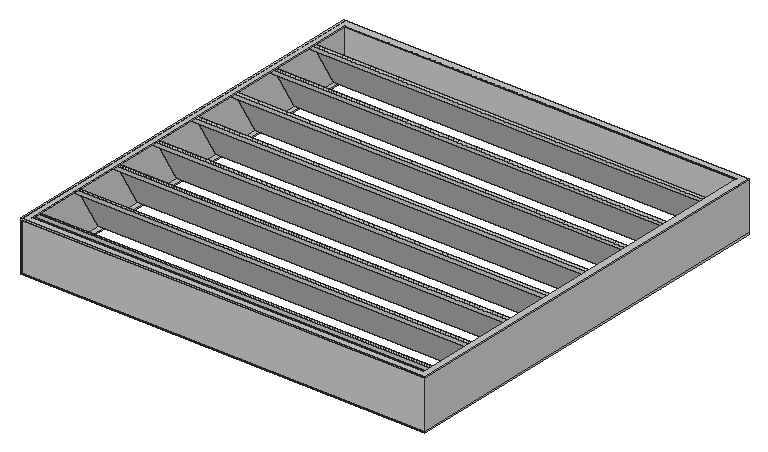
Revit family "Louver-Channel_Frame-Carnes-Rectangular-J_Blade_FFJC", category Air Terminals, host Face, Revit 2012
Parameters (values of type "(See Type Catalog)")
  ecoScorecard_data = ""
  ecoScorecard Product Page = "http://ecoscorecard.com/"
  URL = "http://www.carnes.com/index.html"
  Symbol Blades Quantity [instance] = Louver Width / 3"  # 16
  Subcategory = "Louvers and Dampers"
  Specifications  URL = "http://www.carnes.com/Louvers/pdf/17146.pdf"
  Product Page URL = "http://www.carnes.com/Louvers/FFJC-FJJC.htm"
  Product Line = "\"J\" Blade Louvers"
  Pressure Drop = 0.00 Pa
  Point of Water Penetration = 896 FPM
  Outside Width = Louver Width Control + 3/4" * 2  # 49 1/2"
  Outside Height = Louver Height Control + 3/4" * 2  # 49 1/2"
  Model = "FFJC"
  Minimum Size = "8\"W x 12\"H"
  Meets Building Code Standards = "Licensed to bear the AMCA seal"
  Maximum Vertical Size = "96\"W x 72\"H"
  Maximum Size Note = "Larger Sizes made in multiple sections"
  Maximum Horinzontal Size = "96\"W x 72\"H"
  Manufacturer = "Carnes Company"
  Louver Width Control = if(Louver Width < 8", 8", if(Louver Width > 96", 96", Louver Width))  # 48"
  Louver Height Control = if(Louver Height < 12", 12", if(Louver Height > 72", 72", Louver Height))  # 48"
  Free Area Note = "See Spec Sheet URL"
  Free Area = 0.00 SF
  Description = "\"J\" Blade Louvers"
  Connector Description 1 = "Duct Connetor"
  Blades Quantity [instance] = (Louver Height Control - (Blade Offset from Frame - 3/4")) / 6"  # 8
  Manufacturer Phone = "608-845-6411"
  Manufacturer Fax = "608-845-6470"
  Manufacturer Email = "mailto:carnes@carnes.com"
  Manufacturer Address = "448 S. Main St., P. O. Box 930040, Verona, WI 53593-0040"
  Louver Width = 48"
  Louver Length = 6 1/8"
  Louver Height = 48"
  Blades Length [instance] = Louver Length - 1/2"  # 5 5/8"
  Frame Material = Steel - Carnes - Galvanized
  Default Elevation = 48"
  Cost Info = "mailto:carnes@carnes.com"
  Catalog URL = "http://www.carnes.com/Louvers/pdf/f14-15.pdf"
  Blades Width [instance] = Outside Width - 1" / 8 * 2  # 49 1/4"
  Blade Offset from Frame [instance] = 3 1/2"
  Blade Material = Steel - Carnes - Galvanized
  Assembly Code = "D3090700"
  Airflow = 0 CFM
  95 CSI = "10200"
  04 CSI = "08 91 00"
Reference planes (in)
  plane 1 "Center (Elevation)": y = 0
  plane 2: z = 0
  plane 3 "Center (Left/Right)": x = 0
  plane 4: z = -6.125
  plane 5: z = -0.125
  plane 6: z = -6
  plane 7: z = -3.0625
  plane 8: x = -24
  plane 9: x = 24
  plane 10: x = -24.75
  plane 11: x = 24.75
  plane 12: y = 24
  plane 13: y = -24
  plane 14: y = 24.75
  plane 15: y = -24.75
  plane 16 "Blade CL": y = 21.25
Forms (in)
  Extrusion 1, solid, material "Steel - Carnes - Galvanized" <- "Frame Material"
    sketch origin (0, 0, 0) x (1, 0, 0) y (0, 1, 0)
      loop
        line (-24.75, 24.75) -> (-24.75, -24.75) -> (24.75, -24.75) -> (24.75, 24.75) -> (-24.75, 24.75)
      loop
        line (-24, 24) -> (-24, -24) -> (24, -24) -> (24, 24) -> (-24, 24)
    from -0.125 to 0
  Extrusion 2, solid, material "Steel - Carnes - Galvanized" <- "Frame Material"
    sketch origin (0, 0, 0) x (1, 0, 0) y (0, 1, 0)
      loop
        line (-24.75, 24.75) -> (-24.75, -24.75) -> (24.75, -24.75) -> (24.75, 24.75) -> (-24.75, 24.75)
      loop
        line (-24, 24) -> (-24, -24) -> (24, -24) -> (24, 24) -> (-24, 24)
    from -6.125 to -6
  Extrusion 3, solid, material "Steel - Carnes - Galvanized" <- "Frame Material"
    sketch origin (0, 0, 0) x (1, 0, 0) y (0, 1, 0)
      loop
        line (-24.625, 24.625) -> (-24.625, -24.625) -> (24.625, -24.625) -> (24.625, 24.625) -> (-24.625, 24.625)
      loop
        line (-24.75, 24.75) -> (-24.75, -24.75) -> (24.75, -24.75) -> (24.75, 24.75) -> (-24.75, 24.75)
    from -6 to -0.125
Lines and regions (in)
  Masking region 1, detail levels medium+fine
    outline origin (0, 0, 0) x (1, 0, 0) y (0, 0, 1)
      loop
        line (24.75, 0) -> (-24.75, 0) -> (-24.75, -6.125) -> (24.75, -6.125) -> (24.75, 0)
  Masking region 2, detail levels medium+fine
    outline origin (0, 0, 0) x (1, 0, 0) y (0, 0, 1)
      loop
        line (24.75, 0) -> (24, 0) -> (24, -0.125) -> (24.625, -0.125) -> (24.625, -6) -> (24, -6) -> (24, -6.125) -> (24.75, -6.125) -> (24.75, 0)
      loop
        line (-24.75, 0) -> (-24.75, -6.125) -> (-24, -6.125) -> (-24, -6) -> (-24.625, -6) -> (-24.625, -0.125) -> (-24, -0.125) -> (-24, 0) -> (-24.75, 0)
  symbolic lines, detail levels fine
    curve 1: line (24, 0, -0.125) -> (-24, 0, -0.125)
    curve 2: line (24, 0, -6) -> (-24, 0, -6)
  symbolic lines
    curve 3: line (-24, 0, -0.34375) -> (-23.5625, 0, -0.34375)
    curve 4: line (-23.5625, 0, -0.34375) -> (-20.33652, 0, -5.78125)
    curve 5: line (-20.33652, 0, -5.78125) -> (-19.89902, 0, -5.78125)
    curve 6: line (19.89902, 0, -0.34375) -> (20.33652, 0, -0.34375)
    curve 7: line (20.33652, 0, -0.34375) -> (23.5625, 0, -5.78125)
    curve 8: line (23.5625, 0, -5.78125) -> (24, 0, -5.78125)
    curve 9: line (-21.0734, 0, -0.34375) -> (-20.6359, 0, -0.34375)
    curve 10: line (-20.6359, 0, -0.34375) -> (-17.40991, 0, -5.78125)
    curve 11: line (-17.40991, 0, -5.78125) -> (-16.97241, 0, -5.78125)
    curve 12: line (-18.1468, 0, -0.34375) -> (-17.7093, 0, -0.34375)
    curve 13: line (-17.7093, 0, -0.34375) -> (-14.48331, 0, -5.78125)
    curve 14: line (-14.48331, 0, -5.78125) -> (-14.04581, 0, -5.78125)
    curve 15: line (-15.2202, 0, -0.34375) -> (-14.7827, 0, -0.34375)
    curve 16: line (-14.7827, 0, -0.34375) -> (-11.55671, 0, -5.78125)
    curve 17: line (-11.55671, 0, -5.78125) -> (-11.11921, 0, -5.78125)
    curve 18: line (-12.2936, 0, -0.34375) -> (-11.8561, 0, -0.34375)
    curve 19: line (-11.8561, 0, -0.34375) -> (-8.63011, 0, -5.78125)
    curve 20: line (-8.63011, 0, -5.78125) -> (-8.19261, 0, -5.78125)
    curve 21: line (-9.36699, 0, -0.34375) -> (-8.92949, 0, -0.34375)
    curve 22: line (-8.92949, 0, -0.34375) -> (-5.70351, 0, -5.78125)
    curve 23: line (-5.70351, 0, -5.78125) -> (-5.26601, 0, -5.78125)
    curve 24: line (-6.44039, 0, -0.34375) -> (-6.00289, 0, -0.34375)
    curve 25: line (-6.00289, 0, -0.34375) -> (-2.77691, 0, -5.78125)
    curve 26: line (-2.77691, 0, -5.78125) -> (-2.33941, 0, -5.78125)
    curve 27: line (-3.51379, 0, -0.34375) -> (-3.07629, 0, -0.34375)
    curve 28: line (-3.07629, 0, -0.34375) -> (0.14969, 0, -5.78125)
    curve 29: line (0.14969, 0, -5.78125) -> (0.58719, 0, -5.78125)
    curve 30: line (-0.58719, 0, -0.34375) -> (-0.14969, 0, -0.34375)
    curve 31: line (-0.14969, 0, -0.34375) -> (3.07629, 0, -5.78125)
    curve 32: line (3.07629, 0, -5.78125) -> (3.51379, 0, -5.78125)
    curve 33: line (2.33941, 0, -0.34375) -> (2.77691, 0, -0.34375)
    curve 34: line (2.77691, 0, -0.34375) -> (6.00289, 0, -5.78125)
    curve 35: line (6.00289, 0, -5.78125) -> (6.44039, 0, -5.78125)
    curve 36: line (5.26601, 0, -0.34375) -> (5.70351, 0, -0.34375)
    curve 37: line (5.70351, 0, -0.34375) -> (8.92949, 0, -5.78125)
    curve 38: line (8.92949, 0, -5.78125) -> (9.36699, 0, -5.78125)
    curve 39: line (8.19261, 0, -0.34375) -> (8.63011, 0, -0.34375)
    curve 40: line (8.63011, 0, -0.34375) -> (11.8561, 0, -5.78125)
    curve 41: line (11.8561, 0, -5.78125) -> (12.2936, 0, -5.78125)
    curve 42: line (11.11921, 0, -0.34375) -> (11.55671, 0, -0.34375)
    curve 43: line (11.55671, 0, -0.34375) -> (14.7827, 0, -5.78125)
    curve 44: line (14.7827, 0, -5.78125) -> (15.2202, 0, -5.78125)
    curve 45: line (14.04581, 0, -0.34375) -> (14.48331, 0, -0.34375)
    curve 46: line (14.48331, 0, -0.34375) -> (17.7093, 0, -5.78125)
    curve 47: line (17.7093, 0, -5.78125) -> (18.1468, 0, -5.78125)
    curve 48: line (16.97241, 0, -0.34375) -> (17.40991, 0, -0.34375)
    curve 49: line (17.40991, 0, -0.34375) -> (20.6359, 0, -5.78125)
    curve 50: line (20.6359, 0, -5.78125) -> (21.0734, 0, -5.78125)
Dimensions and locks (in)
  equal spacing: plane 10, plane 3 "Center (Left/Right)", plane 11
  "Outside Width": plane 10 to plane 11
  equal spacing: plane 15, plane 1 "Center (Elevation)", plane 14
  "Outside Height": plane 15 to plane 14
  locked: plane 2 to plane 5 at 0.125
  locked: plane 6 to plane 4 at 0.125
  "Louver Length": plane 2 to plane 4
  equal spacing: plane 5, plane 7, plane 6
  "Blade Offset from Frame": plane 14 to plane 16 "Blade CL"
  locked: plane 10 to plane 8 at 0.75
  locked: plane 9 to plane 11 at 0.75
  locked: plane 14 to plane 12 at 0.75
  locked: plane 15 to plane 13 at 0.75
  locked: Masking region 2 sketch curve to plane 11 at 0.125
  locked: Extrusion 3 sketch curve to Extrusion 3 sketch curve at 0.125  (x4)
  equal spacing: group 1, group 2, group 11, group 12, group 13, group 14, group 15, group 16
  equal spacing: group 16, group 15, group 14, group 13, group 12, group 11, group 2, group 1  (x2)
  locked: nested 1 to nested 2 at 6
  curve 3 to plane 7 to curve 5 = 2 23/32" locked, 2 23/32" locked
  equal spacing: group 3, group 5, group 6, group 7, group 8, group 9, group 10, group 17, group 18, group 19, group 20, group 21, group 22, group 23, group 24, group 4  (x3)
  curve 9 to curve 11 = 5 7/16"
  curve 12 to curve 14 = 5 7/16"
  curve 15 to curve 17 = 5 7/16"
  curve 18 to curve 20 = 5 7/16"
  curve 21 to curve 23 = 5 7/16"
  curve 24 to curve 26 = 5 7/16"
  curve 27 to curve 29 = 5 7/16"
  curve 30 to curve 32 = 5 7/16"
  curve 33 to curve 35 = 5 7/16"
  curve 36 to curve 38 = 5 7/16"
  curve 39 to curve 41 = 5 7/16"
  curve 42 to curve 44 = 5 7/16"
  curve 45 to curve 47 = 5 7/16"
  curve 48 to curve 50 = 5 7/16"
  aligned and locked: plane 2 to host face
  aligned and locked: host face to level
  aligned and locked: plane 10 to Extrusion 1 sketch curve
  aligned and locked: Extrusion 1 sketch curve to plane 14
  aligned and locked: plane 15 to Extrusion 1 sketch curve
  aligned and locked: Extrusion 1 sketch curve to plane 11
  aligned and locked: plane 8 to Extrusion 1 sketch curve
  aligned and locked: Extrusion 1 sketch curve to plane 12
  aligned and locked: plane 13 to Extrusion 1 sketch curve
  aligned and locked: Extrusion 1 sketch curve to plane 9
  aligned and locked: Extrusion 1 to plane 5
  aligned and locked: plane 2 to Extrusion 1
  aligned and locked: Extrusion 2 sketch curve to Extrusion 1  (x6)
  aligned and locked: Extrusion 1 to Extrusion 2 sketch curve  (x2)
  aligned and locked: plane 6 to Extrusion 2
  aligned and locked: Extrusion 2 to plane 4
  aligned and locked: plane 5 to Extrusion 3
  aligned and locked: Extrusion 3 to plane 6
  aligned and locked: plane 11 to Masking region 1 sketch curve
  aligned and locked: Masking region 1 sketch curve to plane 2
  aligned and locked: plane 4 to Masking region 1 sketch curve
  aligned and locked: plane 10 to Masking region 1 sketch curve
  aligned and locked: Masking region 2 sketch curve to plane 11
  aligned and locked: plane 4 to Masking region 2 sketch curve
  aligned and locked: curve 1 to plane 5
  aligned and locked: curve 2 to plane 6
  aligned and locked: plane 2 to Masking region 2 sketch curve
  aligned and locked: Masking region 2 sketch curve to plane 5
  aligned and locked: plane 9 to Masking region 2 sketch curve
  aligned and locked: Masking region 2 sketch curve to plane 9
  aligned and locked: Masking region 2 sketch curve to plane 6
  aligned and locked: Masking region 2 sketch curve to plane 4
  aligned and locked: plane 8 to Masking region 2 sketch curve
  aligned and locked: plane 6 to Masking region 2 sketch curve
  aligned and locked: plane 5 to Masking region 2 sketch curve
  aligned and locked: Masking region 2 sketch curve to plane 8
  aligned and locked: Masking region 2 sketch curve to plane 2
  aligned and locked: plane 10 to Masking region 2 sketch curve
  aligned and locked: plane 8 to curve 1
  aligned and locked: plane 8 to curve 2
  aligned and locked: plane 9 to curve 1
  aligned and locked: plane 9 to curve 2
  aligned and locked: Extrusion 3 sketch curve to plane 10
  aligned and locked: Extrusion 3 sketch curve to plane 15
  aligned and locked: Extrusion 3 sketch curve to plane 14
  aligned and locked: Extrusion 3 sketch curve to plane 11
  aligned and locked: plane 3 "Center (Left/Right)" to nested 1
  aligned and locked: plane 7 to nested 1
  aligned and locked: nested 1 to plane 16 "Blade CL"
  aligned and locked: plane 9 to curve 8
  aligned and locked: plane 8 to curve 3
Automatic sketch dimensions
  host sketch curve to host sketch curve = 65.35482"
  host sketch curve to host sketch curve = 83.62101"
  plane 10 to Masking region 2 sketch curve = 1/8"
Nested families (in)
  nested 1: "Louver_Blade-Carnes" at (0, 21.25, -3.0625), type "Standard"
    with Width 49 1/4", Length 5 5/8"
  nested 2: "Louver_Blade-Carnes" at (0, 15.25, -3.06667), type "Standard"
    with Width 49 1/4", Length 5 5/8"
  nested 3: "Louver_Blade-Carnes" at (0, 9.25, -3.07083), type "Standard"
    with Width 49 1/4", Length 5 5/8"
  nested 4: "Louver_Blade-Carnes" at (0, 3.25, -3.075), type "Standard"
    with Width 49 1/4", Length 5 5/8"
  nested 5: "Louver_Blade-Carnes" at (0, -2.75, -3.07917), type "Standard"
    with Width 49 1/4", Length 5 5/8"
  nested 6: "Louver_Blade-Carnes" at (0, -8.75, -3.08333), type "Standard"
    with Width 49 1/4", Length 5 5/8"
  nested 7: "Louver_Blade-Carnes" at (0, -14.75, -3.0875), type "Standard"
    with Width 49 1/4", Length 5 5/8"
  nested 8: "Louver_Blade-Carnes" at (0, -20.75, -3.09167), type "Standard"
    with Width 49 1/4", Length 5 5/8"
Connectors (in)
  hvac at (0, 0, -6.125), driven by "Connector Description 1", driven by "Airflow", driven by "Pressure Drop", driven by "Louver Height Control", driven by "Louver Width Control"
    settings: on Extrusion 2, index 1, duct flow 0 CFM, flow factor 0, pres drop 0.00 Pa, loss coef 0, conn angle 0.00°, conn width 48", conn height 48", conn radius 12", duct sys type 29, conn prof type 1, flow config 0, flow direction 0, loss method 4, conn ref index -1, conn util no, is conn primary yes, conn desc "Duct Connetor"
Definition of nested family "Louver_Blade-Carnes"
  Parameters (values of type "Standard")
    Width = 12"
    Blade Material = none
    Length = 5 1/2"
    Assembly Code = ""
  Reference planes (in)
    plane 1 "Center (Front/Back)": y = 0
    plane 2: z = 0
    plane 3 "Center (Left/Right)": x = 0
    plane 4: y = 2
    plane 5: y = -2
    plane 6: z = 2.75
    plane 7: z = -2.75
    plane 8: x = -6
    plane 9: x = 6
  Forms (in)
    Sweep 1, solid, material <- "Blade Material"
      path origin (0, 0, 0) x (1, 0, 0) y (0, 1, 0)
        loop
          line (-6, 0) -> (6, 0)
      profile origin (0, 0, 0) x (0, 1, 0) y (0, 0, 1)
        loop
          line (-2, 2.75) -> (-2, 2.34375) -> (-1.9375, 2.34375) -> (-1.9375, 2.6875) -> (-1.60161, 2.6875) -> (-0.00915, 0.00388) -> (1.625, -2.75) -> (2, -2.75) -> (2, -2.34375) -> (1.9375, -2.34375) -> (1.9375, -2.6875) -> (1.66411, -2.6875) -> (0.10505, -0.06016) -> (-1.5625, 2.75) -> (-2, 2.75)
  Dimensions and locks (in)
    equal spacing: plane 4, plane 1 "Center (Front/Back)", plane 5
    locked: plane 4 to plane 5 at 4
    equal spacing: plane 7, plane 2, plane 6
    "Length": plane 7 to plane 6
    equal spacing: plane 8, plane 3 "Center (Left/Right)", plane 9
    "Width": plane 8 to plane 9
    locked: Sweep 1 sketch curve to Sweep 1 sketch curve at 0.0625  (x4)
    locked: Sweep 1 sketch curve to Sweep 1 sketch curve at 0.375
    locked: Sweep 1 sketch curve to Sweep 1 sketch curve at 0.4375
    locked: Sweep 1 sketch curve to Sweep 1 sketch curve at 0.06553  (x2)
    aligned and locked: plane 1 "Center (Front/Back)" to Sweep 1 sketch curve
    aligned and locked: plane 8 to Sweep 1 sketch curve
    aligned and locked: plane 9 to Sweep 1 sketch curve
    aligned and locked: plane 7 to Sweep 1 sketch curve
    aligned and locked: plane 4 to Sweep 1 sketch curve
    aligned and locked: plane 6 to Sweep 1 sketch curve
    aligned and locked: plane 5 to Sweep 1 sketch curve
    aligned and locked: Sweep 1 sketch curve to Sweep 1 sketch curve  (x2)
  Automatic sketch dimensions
    Sweep 1 sketch curve to Sweep 1 sketch curve = 11/32"  (x2)
    profile plane to Sweep 1 sketch curve = 0.00915"
    Sweep 1 sketch curve to profile plane = 0.10505"
